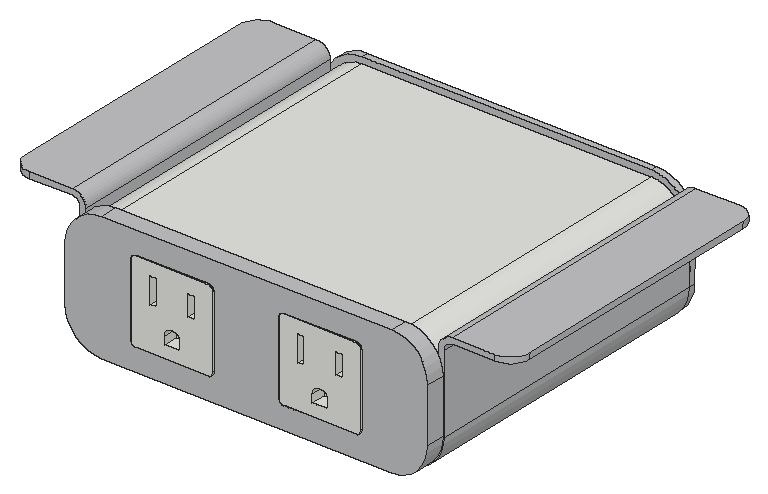
Revit family "Electrical-Teknion-YEBPA_Below_Power_Module_Standard_Plug_In-R2023", category Furniture, Revit 2023
Family settings
  OmniClass Number = 23.40.20.00
  OmniClass Title = General Furniture and Specialties
  Work Plane-Based = No
  Enable Cutting in Views = No
  Always vertical = Yes
  Cut with Voids When Loaded = No
  Render Appearance Source = Family Geometry
  Shared = Yes
  Room Calculation Point = No
Parameters (values of type "2 Power/ 1 Power (Rear)")
  Warranty = "http://www.teknion.com/ca/papers/legal-canada"
  Unit Weight URL = "http://www.teknion.com/ca/tools/assets#&asset=bee6a381-b954-425e-8283-5a2de3a804f2,f828d448-4b62-4231-9e5f-9a8991c0ed77"
  URL = "www.teknion.com"
  To render please download texture images found here [instance] = "https://assets.teknion.com/web/5e81352c1dfdb467/revit-material-swatches/"
  Sustainability Data = "https://www.teknion.com/ca/tools/assets#&topic=216f99a5-57a0-44fc-b10a-9dee9b29ae4c&asset=444deb64-fe58-4b68-981e-f75e97781df7,b4ff2d81-9f2e-437d-9659-7cffb09c31cf"
  Series = "Complements"  # constant formula
  Receptacle Finish [instance] = Plastic - Teknion - 8D - Atrium White
  Rear - Power = or([RA - 1 Power/ 1 USB - A+C (65W)/ 1 Power (Rear)], [RB - 1 Power/ 1 USB - A+C (18W)/ 1 Power (Rear)], [RC - 2 Power/ 1 Power (Rear)])  # yes
  Rear - HDMI = [RD - 1 Power/ 1 HDMI/ 1 HDMI (Rear)]  # no
  RD - 1 Power/ 1 HDMI/ 1 HDMI (Rear) = no
  RC - 2 Power/ 1 Power (Rear) = yes
  RB - 1 Power/ 1 USB - A+C (18W)/ 1 Power (Rear) = no
  RA - 1 Power/ 1 USB - A+C (65W)/ 1 Power (Rear) = no
  Product Page URL = "https://www.teknion.com/ca/product/accessories/power-accessories"
  Product Line = "Electrical"  # constant formula
  Product Documentation Link = "https://www.teknion.com/pricing/complements/pdfs/YEBPA_ppg.pdf"
  Part Number = "YEBPA"  # constant formula
  Model = "YEBPAURC_"
  Manufacturer Phone = "416-661-3370"  # constant formula
  Manufacturer Fax = "416.661.4586"  # constant formula
  Manufacturer Contact Information = "http://www.teknion.com/ca/contactus"
  Manufacturer Address = "1150 Flint Road, Toronto, ON. M3J 2J5. Canada"  # constant formula
  Manufacturer = "Teknion"  # constant formula
  How To Use Teknion Materials User Guide [instance] = "https://assets.teknion.com/m/205dd0a49fa58060/original/How-to-add-a-Material-Library-and-Texture-Images-to-your-Revit-project.pdf"
  Front - USB (65W) = [RA - 1 Power/ 1 USB - A+C (65W)/ 1 Power (Rear)]  # no
  Front - USB (18W) = [RB - 1 Power/ 1 USB - A+C (18W)/ 1 Power (Rear)]  # no
  Front - Power 2 = or([RA - 1 Power/ 1 USB - A+C (65W)/ 1 Power (Rear)], [RB - 1 Power/ 1 USB - A+C (18W)/ 1 Power (Rear)], [RC - 2 Power/ 1 Power (Rear)])  # yes
  Front - Power 1 = or([RC - 2 Power/ 1 Power (Rear)], [RD - 1 Power/ 1 HDMI/ 1 HDMI (Rear)])  # yes
  Front - HDMI = [RD - 1 Power/ 1 HDMI/ 1 HDMI (Rear)]  # no
  For Additional Finishes please visit [instance] = "https://assets.teknion.com/m/44a8009b046e5d47/original/Teknion_Materials_Library.zip"
  Faceplate Finish [instance] = Paint - Teknion - Mica - Platinum
  Description = "Below Power Module, Standard Plug-In, Standard Undermount, 2 Power/ 1 Power (Rear) Configuration"
  Default Elevation = 0.000"
  Bracket Finish [instance] = Paint - Teknion - Mica - Platinum
  Assembly Code = "E2020200"
Reference planes (in)
  plane 1 "Center Front/Back": y = 0.44001
  plane 2: z = 0
  plane 3 "Center Left/Right": x = 0.1508
  plane 4 "Left": x = -3.1366
  plane 5 "Right": x = 3.43821
  plane 6 "Back": y = 2.65882
  plane 7 "Front": y = -1.7788
  plane 8 "Top": z = 28.00005
  plane 9: x = -0.81376
  plane 10: x = 1.11537
Forms (in)
  Sweep 1, solid, material "Paint - Teknion - Mica - Platinum" <- "Bracket Finish"
    path origin (0, 0, 0) x (1, 0, 0) y (0, 1, 0)
      loop
        line (0.1508, 2.46136) -> (0.1508, -1.51502)
    profile origin (0.1508, 0.47317, 0) x (1, 0, 0) y (0, 0, 1)
      loop
        line (-2.47785, 28.00005) -> (-2.47785, 27.92505)
        arc (-2.47785, 27.92505) -> (-2.40735, 27.89585) -> (-2.37815, 27.82535) r 0.0997
        line (-2.37815, 27.82535) -> (-2.37815, 26.79925)
        arc (-2.37815, 26.79925) -> (-2.24087, 26.46783) -> (-1.90945, 26.33055) r 0.4687
        line (-1.90945, 26.33055) -> (1.90945, 26.33055)
        arc (1.90945, 26.33055) -> (2.24087, 26.46783) -> (2.37815, 26.79925) r 0.4687
        line (2.37815, 26.79925) -> (2.37815, 27.82535)
        arc (2.37815, 27.82535) -> (2.40735, 27.89585) -> (2.47785, 27.92505) r 0.0997
        line (2.47785, 27.92505) -> (2.47785, 28.00005)
        arc (2.47785, 28.00005) -> (2.35432, 27.94888) -> (2.30315, 27.82535) r 0.1747
        line (2.30315, 27.82535) -> (2.30315, 26.79925)
        arc (2.30315, 26.79925) -> (2.18784, 26.52086) -> (1.90945, 26.40555) r 0.3937
        line (1.90945, 26.40555) -> (-1.90945, 26.40555)
        arc (-1.90945, 26.40555) -> (-2.18784, 26.52086) -> (-2.30315, 26.79925) r 0.3937
        line (-2.30315, 26.79925) -> (-2.30315, 27.82535)
        arc (-2.30315, 27.82535) -> (-2.35432, 27.94888) -> (-2.47785, 28.00005) r 0.1747
  Sweep 2, solid, material "Paint - Teknion - Mica - Platinum" <- "Bracket Finish"
    path origin (0, 0.44001, 0) x (1, 0, 0) y (0, 0, 1)
      loop
        line (0.1508, 28.00005) -> (0.1508, 27.92505)
    profile origin (0.1508, 0.44001, 27.96255) x (0, -1, 0) y (1, 0, 0)
      loop
        line (1.95503, -2.47785) -> (-2.02135, -2.47785) -> (-2.02135, -3.03741)
        arc (-2.02135, -3.03741) -> (-1.94813, -3.21418) -> (-1.77135, -3.28741) r 0.25
        line (-1.77135, -3.28741) -> (1.70503, -3.28741)
        arc (1.70503, -3.28741) -> (1.88181, -3.21418) -> (1.95503, -3.03741) r 0.25
        line (1.95503, -3.03741) -> (1.95503, -2.47785)
      loop
        line (1.95503, 2.47785) -> (1.95503, 3.03741)
        arc (1.95503, 3.03741) -> (1.88181, 3.21418) -> (1.70503, 3.28741) r 0.25
        line (1.70503, 3.28741) -> (-1.77135, 3.28741)
        arc (-1.77135, 3.28741) -> (-1.94813, 3.21418) -> (-2.02135, 3.03741) r 0.25
        line (-2.02135, 3.03741) -> (-2.02135, 2.47785) -> (1.95503, 2.47785)
  Sweep 3, solid, material "Plastic - Teknion - 8D - Atrium White" <- "Receptacle Finish"
    path origin (0, 0, 0) x (1, 0, 0) y (0, 1, 0)
      loop
        line (0.1508, -1.70202) -> (0.1508, 2.4712)
    profile origin (0.1508, 0.38459, 0) x (-1, 0, 0) y (0, 0, 1)
      loop
        line (1.88976, 27.9213) -> (-1.88976, 27.9213)
        arc (-1.88976, 27.9213) -> (-2.17118, 27.80698) -> (-2.29316, 27.52879) r 0.40354
        line (-2.29316, 27.52879) -> (-2.30315, 27.16343) -> (-2.29316, 26.79806)
        arc (-2.29316, 26.79806) -> (-2.17118, 26.51987) -> (-1.88976, 26.40555) r 0.40354
        line (-1.88976, 26.40555) -> (1.88976, 26.40555)
        arc (1.88976, 26.40555) -> (2.17118, 26.51987) -> (2.29316, 26.79806) r 0.40354
        line (2.29316, 26.79806) -> (2.30315, 27.16343) -> (2.29316, 27.52879)
        arc (2.29316, 27.52879) -> (2.17118, 27.80698) -> (1.88976, 27.9213) r 0.40354
  Sweep 4, solid, material "Paint - Teknion - Mica - Platinum" <- "Faceplate Finish"
    path origin (0, 0, 0) x (1, 0, 0) y (0, 1, 0)
      loop
        line (0.1508, 2.55979) -> (0.1508, 2.4712)
    profile origin (0.1508, 2.5155, 0) x (1, 0, 0) y (0, 0, 1)
      loop
        arc (-1.88976, 28.00003) -> (-2.22609, 27.8634) -> (-2.37187, 27.53094) r 0.48228
        line (-2.37187, 27.53094) -> (-2.38192, 27.16343) -> (-2.37187, 26.79592)
        arc (-2.37187, 26.79592) -> (-2.22609, 26.46345) -> (-1.88976, 26.32682) r 0.48228
        line (-1.88976, 26.32682) -> (1.88976, 26.32682)
        arc (1.88976, 26.32682) -> (2.22609, 26.46345) -> (2.37187, 26.79592) r 0.48228
        line (2.37187, 26.79592) -> (2.38192, 27.16343) -> (2.37187, 27.53094)
        arc (2.37187, 27.53094) -> (2.22609, 27.8634) -> (1.88976, 28.00003) r 0.48228
        line (1.88976, 28.00003) -> (-1.88976, 28.00003)
      loop
        line (1.88707, 27.7245) -> (-1.88707, 27.7245)
        arc (-1.88707, 27.7245) -> (-2.03117, 27.66482) -> (-2.09085, 27.52072) r 0.20378
        line (-2.09085, 27.52072) -> (-2.09085, 26.80613)
        arc (-2.09085, 26.80613) -> (-2.03117, 26.66204) -> (-1.88707, 26.60235) r 0.20378
        line (-1.88707, 26.60235) -> (1.88707, 26.60235)
        arc (1.88707, 26.60235) -> (2.03117, 26.66204) -> (2.09085, 26.80613) r 0.20378
        line (2.09085, 26.80613) -> (2.09085, 27.52072)
        arc (2.09085, 27.52072) -> (2.03117, 27.66482) -> (1.88707, 27.7245) r 0.20378
  Sweep 5, void
    path origin (0, 0, 0) x (1, 0, 0) y (0, 1, 0)
      loop
        line (0.1508, -1.58194) -> (0.1508, -1.7788)
    profile origin (0.1508, -1.68037, 0) x (1, 0, 0) y (0, 0, 1)
      loop
        line (-0.48972, 27.70597) -> (-1.43939, 27.70597)
        arc (-1.43939, 27.70597) -> (-1.48726, 27.68614) -> (-1.50709, 27.63827) r 0.0677
        line (-1.50709, 27.63827) -> (-1.50709, 26.68858)
        arc (-1.50709, 26.68858) -> (-1.48726, 26.64071) -> (-1.43939, 26.62088) r 0.0677
        line (-1.43939, 26.62088) -> (-0.48972, 26.62088)
        arc (-0.48972, 26.62088) -> (-0.44185, 26.64071) -> (-0.42203, 26.68858) r 0.0677
        line (-0.42203, 26.68858) -> (-0.42203, 27.63827)
        arc (-0.42203, 27.63827) -> (-0.44185, 27.68614) -> (-0.48972, 27.70597) r 0.0677
      loop
        line (1.43941, 27.70597) -> (0.48974, 27.70597)
        arc (0.48974, 27.70597) -> (0.44187, 27.68614) -> (0.42205, 27.63827) r 0.0677
        line (0.42205, 27.63827) -> (0.42205, 26.68858)
        arc (0.42205, 26.68858) -> (0.44187, 26.64071) -> (0.48974, 26.62088) r 0.0677
        line (0.48974, 26.62088) -> (1.43941, 26.62088)
        arc (1.43941, 26.62088) -> (1.48728, 26.64071) -> (1.50711, 26.68858) r 0.0677
        line (1.50711, 26.68858) -> (1.50711, 27.63827)
        arc (1.50711, 27.63827) -> (1.48728, 27.68614) -> (1.43941, 27.70597) r 0.0677
  Sweep 6, solid, material "Paint - Teknion - Mica - Platinum" <- "Faceplate Finish"
    path origin (0, 0, 0) x (1, 0, 0) y (0, 1, 0)
      loop
        line (0.1508, -1.5347) -> (0.1508, -1.77092)
    profile origin (0.1508, -1.65281, 0) x (1, 0, 0) y (0, 0, 1)
      loop
        line (1.88976, 27.99312) -> (-1.88976, 27.99312)
        arc (-1.88976, 27.99312) -> (-2.2259, 27.85389) -> (-2.36513, 27.51776) r 0.47536
        line (-2.36513, 27.51776) -> (-2.36513, 26.8091)
        arc (-2.36513, 26.8091) -> (-2.2259, 26.47296) -> (-1.88976, 26.33373) r 0.47536
        line (-1.88976, 26.33373) -> (1.88976, 26.33373)
        arc (1.88976, 26.33373) -> (2.2259, 26.47296) -> (2.36513, 26.8091) r 0.47536
        line (2.36513, 26.8091) -> (2.36513, 27.51776)
        arc (2.36513, 27.51776) -> (2.2259, 27.85389) -> (1.88976, 27.99312) r 0.47536
      loop
        arc (-1.50711, 26.68977) -> (-1.48693, 26.64106) -> (-1.43823, 26.62088) r 0.06888
        line (-1.43823, 26.62088) -> (-0.49091, 26.62088)
        arc (-0.49091, 26.62088) -> (-0.4422, 26.64106) -> (-0.42203, 26.68977) r 0.06888
        line (-0.42203, 26.68977) -> (-0.42203, 27.63708)
        arc (-0.42203, 27.63708) -> (-0.4422, 27.68579) -> (-0.49091, 27.70597) r 0.06888
        line (-0.49091, 27.70597) -> (-1.43823, 27.70597)
        arc (-1.43823, 27.70597) -> (-1.48693, 27.68579) -> (-1.50711, 27.63708) r 0.06888
        line (-1.50711, 27.63708) -> (-1.50711, 26.68977)
      loop
        arc (0.42203, 26.68977) -> (0.4422, 26.64106) -> (0.49091, 26.62088) r 0.06888
        line (0.49091, 26.62088) -> (1.43823, 26.62088)
        arc (1.43823, 26.62088) -> (1.48693, 26.64106) -> (1.50711, 26.68977) r 0.06888
        line (1.50711, 26.68977) -> (1.50711, 27.63708)
        arc (1.50711, 27.63708) -> (1.48693, 27.68579) -> (1.43823, 27.70597) r 0.06888
        line (1.43823, 27.70597) -> (0.49091, 27.70597)
        arc (0.49091, 27.70597) -> (0.4422, 27.68579) -> (0.42203, 27.63708) r 0.06888
        line (0.42203, 27.63708) -> (0.42203, 26.68977)
Cuts and joins
  joined: Sweep 1, Sweep 2
  Sweep 5 cuts Sweep 3
Lines and regions (in)
  Masking region 1
    outline origin (0, 0, 0) x (1, 0, 0) y (0, 1, 0)
      loop
        line (-2.18454, 2.46136) -> (-2.8866, 2.46136)
        arc (-2.8866, 2.46136) -> (-3.06338, 2.38814) -> (-3.1366, 2.21136) r 0.25
        line (-3.1366, 2.21136) -> (-3.1366, -1.26502)
        arc (-3.1366, -1.26502) -> (-3.06338, -1.44179) -> (-2.8866, -1.51502) r 0.25
        line (-2.8866, -1.51502) -> (-2.18046, -1.51502) -> (-2.15235, -1.5347) -> (-2.21432, -1.5347) -> (-2.21432, -1.77092) -> (-1.37767, -1.77092) -> (-1.34526, -1.7788) -> (-0.28227, -1.7788) -> (-0.24986, -1.77092) -> (0.55147, -1.77092) -> (0.58387, -1.7788) -> (1.64687, -1.7788) -> (1.67927, -1.77092) -> (2.51593, -1.77092) -> (2.51593, -1.5347) -> (2.45396, -1.5347) -> (2.48207, -1.51502) -> (3.18821, -1.51502)
        arc (3.18821, -1.51502) -> (3.36498, -1.44179) -> (3.43821, -1.26502) r 0.25
        line (3.43821, -1.26502) -> (3.43821, 2.21136)
        arc (3.43821, 2.21136) -> (3.36498, 2.38814) -> (3.18821, 2.46136) r 0.25
        line (3.18821, 2.46136) -> (2.48615, 2.46136) -> (2.45396, 2.4712) -> (2.53273, 2.4712) -> (2.53273, 2.55979) -> (1.64687, 2.55979) -> (1.64687, 2.65882) -> (0.58387, 2.65882) -> (0.58387, 2.55979) -> (-2.23112, 2.55979) -> (-2.23112, 2.4712) -> (-2.15235, 2.4712) -> (-2.18454, 2.46136)
  symbolic lines
    curve 1: line (-2.15235, 2.55979, 0) -> (2.45396, 2.55979, 0)
    curve 2: line (-2.23112, 2.4712, 0) -> (2.53273, 2.4712, 0)
    curve 3: line (-2.15235, 2.4712, 0) -> (-2.15235, -1.5347, 0)
    curve 4: line (2.45396, 2.4712, 0) -> (2.45396, -1.5347, 0)
    curve 5: line (-2.21432, -1.5347, 0) -> (2.51593, -1.5347, 0)
    curve 6: line (-2.15235, -1.77092, 0) -> (2.45396, -1.77092, 0)
  symbolic lines, style "FurnitureHiddenLines", detail levels medium+fine
    curve 7: line (-2.8866, -1.51502, 0) -> (3.18821, -1.51502, 0)
    curve 8: line (3.18821, 2.46136, 0) -> (-2.8866, 2.46136, 0)
    curve 9: line (0.58387, 2.46985, 0) -> (0.58387, 2.65882, 0)
    curve 10: line (1.64687, 2.65882, 0) -> (1.64687, 2.46985, 0)
    curve 11: line (1.64687, 2.46985, 0) -> (0.58387, 2.46985, 0)
    curve 12: line (2.45396, -1.70202, 0) -> (-2.15235, -1.70202, 0)
    curve 13: line (-2.15235, -1.70202, 0) -> (-2.15235, -1.5347, 0)
    curve 14: line (2.45396, -1.70202, 0) -> (2.45396, -1.5347, 0)
    curve 15: line (-1.35631, -1.58194, 0) -> (1.65791, -1.58194, 0)
    curve 16: line (-1.35631, -1.5347, 0) -> (-1.35631, -1.77092, 0)
    curve 17: line (-1.34526, -1.58982, 0) -> (-1.34526, -1.7788, 0)
    curve 18: line (-1.34526, -1.58982, 0) -> (-0.28227, -1.58982, 0)
    curve 19: line (-0.28227, -1.58982, 0) -> (-0.28227, -1.7788, 0)
    curve 20: line (-0.27122, -1.5347, 0) -> (-0.27122, -1.77092, 0)
    curve 21: line (0.57283, -1.5347, 0) -> (0.57283, -1.77092, 0)
    curve 22: line (0.58387, -1.58982, 0) -> (1.64687, -1.58982, 0)
    curve 23: line (1.64687, -1.58982, 0) -> (1.64687, -1.7788, 0)
    curve 24: line (0.58387, -1.58982, 0) -> (0.58387, -1.7788, 0)
    curve 25: line (1.65791, -1.5347, 0) -> (1.65791, -1.77092, 0)
    curve 56: line (2.24165, 2.55979, 0) -> (2.24165, 2.4712, 0)
    curve 57: line (-1.94005, 2.55979, 0) -> (-1.94005, 2.4712, 0)
  symbolic lines, style "FurnitureHiddenLines", visible <- "Rear - HDMI", detail levels fine
    curve 26: line (0.80435, 2.46985, 0) -> (0.80435, 2.65882, 0)
    curve 27: line (1.44608, 2.65882, 0) -> (1.44608, 2.46985, 0)
  symbolic lines, style "FurnitureHiddenLines", visible <- "Rear - Power", detail levels fine
    curve 28: line (0.82206, 2.46985, 0) -> (0.82206, 2.65882, 0)
    curve 29: line (0.90868, 2.46985, 0) -> (0.90868, 2.65882, 0)
    curve 30: line (1.01301, 2.46985, 0) -> (1.01301, 2.65882, 0)
    curve 31: line (1.21773, 2.46985, 0) -> (1.21773, 2.65882, 0)
    curve 32: line (1.32206, 2.46985, 0) -> (1.32206, 2.65882, 0)
    curve 33: line (1.40868, 2.46985, 0) -> (1.40868, 2.65882, 0)
  symbolic lines, style "FurnitureHiddenLines", visible <- "Front - Power 1", detail levels fine
    curve 34: line (-1.10707, -1.58982, 0) -> (-1.10707, -1.7788, 0)
    curve 35: line (-1.02046, -1.58982, 0) -> (-1.02046, -1.7788, 0)
    curve 36: line (-0.91613, -1.58982, 0) -> (-0.91613, -1.7788, 0)
    curve 37: line (-0.7114, -1.58982, 0) -> (-0.7114, -1.7788, 0)
    curve 38: line (-0.60707, -1.58982, 0) -> (-0.60707, -1.7788, 0)
    curve 39: line (-0.52046, -1.58982, 0) -> (-0.52046, -1.7788, 0)
  symbolic lines, style "FurnitureHiddenLines", visible <- "Front - USB (65W)", detail levels fine
    curve 40: line (-1.07508, -1.7788, 0) -> (-1.07508, -1.58982, 0)
    curve 41: line (-0.85264, -1.58982, 0) -> (-0.85264, -1.7788, 0)
    curve 42: line (-0.69024, -1.58982, 0) -> (-0.69024, -1.7788, 0)
    curve 43: line (-0.55245, -1.58982, 0) -> (-0.55245, -1.7788, 0)
  symbolic lines, style "FurnitureHiddenLines", visible <- "Front - USB (18W)", detail levels fine
    curve 44: line (-1.07262, -1.58982, 0) -> (-1.07262, -1.7788, 0)
    curve 45: line (-0.99684, -1.58982, 0) -> (-0.99684, -1.7788, 0)
    curve 46: line (-0.63069, -1.58982, 0) -> (-0.63069, -1.7788, 0)
    curve 47: line (-0.55491, -1.58982, 0) -> (-0.55491, -1.7788, 0)
  symbolic lines, style "FurnitureHiddenLines", visible <- "Front - HDMI", detail levels fine
    curve 48: line (0.78466, -1.7788, 0) -> (0.78466, -1.58982, 0)
    curve 49: line (1.42639, -1.58982, 0) -> (1.42639, -1.7788, 0)
  symbolic lines, style "FurnitureHiddenLines", visible <- "Front - Power 2", detail levels fine
    curve 50: line (0.82206, -1.58982, 0) -> (0.82206, -1.7788, 0)
    curve 51: line (0.90868, -1.58982, 0) -> (0.90868, -1.7788, 0)
    curve 52: line (1.01301, -1.58982, 0) -> (1.01301, -1.7788, 0)
    curve 53: line (1.21773, -1.58982, 0) -> (1.21773, -1.7788, 0)
    curve 54: line (1.32206, -1.58982, 0) -> (1.32206, -1.7788, 0)
    curve 55: line (1.40868, -1.58982, 0) -> (1.40868, -1.7788, 0)
Dimensions and locks (in)
  plane 4 "Left" to plane 5 "Right" = 6.57481"
  plane 6 "Back" to plane 7 "Front" = 4.43762"
  locked: plane 8 "Top" to level at 28.00005
  equal spacing: plane 6 "Back", plane 1 "Center Front/Back", plane 7 "Front"
  equal spacing: plane 4 "Left", plane 3 "Center Left/Right", plane 5 "Right"
  aligned and locked: level to plane 2
  aligned and locked: nested 5 to plane 10
  aligned and locked: nested 5 to plane 6 "Back"
  aligned and locked: nested 3 to plane 10
  aligned and locked: nested 3 to plane 6 "Back"
  aligned and locked: plane 10 to nested 4
  aligned and locked: nested 4 to plane 7 "Front"
  aligned and locked: plane 10 to nested 6
  aligned and locked: nested 6 to plane 7 "Front"
  aligned and locked: nested 1 to plane 9
  aligned and locked: nested 1 to plane 7 "Front"
  aligned and locked: nested 2 to plane 9
  aligned and locked: nested 2 to plane 7 "Front"
  aligned and locked: nested 7 to plane 9
  aligned and locked: nested 7 to plane 7 "Front"
Automatic sketch dimensions
  Sweep 1 sketch curve to plane 3 "Center Left/Right" = 0.000"
  Sweep 1 sketch curve to plane 7 "Front" = 0.26378"
  Sweep 1 sketch curve to plane 6 "Back" = 0.19746"
  Sweep 1 sketch curve to Sweep 1 sketch curve = 0.000"  (x8)
  profile plane to Sweep 1 sketch curve = 2.47785"
  Sweep 1 sketch curve to Sweep 1 sketch curve = 0.0997"  (x2)
  Sweep 1 sketch curve to Sweep 1 sketch curve = 0.075"
  Sweep 1 sketch curve to Sweep 1 sketch curve = 0.3937"  (x2)
  Sweep 1 sketch curve to profile plane = 1.90945"
  level to Sweep 1 sketch curve = 26.33055"
  Sweep 1 sketch curve to Sweep 1 sketch curve = 1.0261"  (x2)
  Sweep 2 sketch curve to plane 8 "Top" = 0.000"
  Sweep 2 sketch curve to plane 8 "Top" = 0.075"
  plane 4 "Left" to Sweep 2 sketch curve = 3.28741"
  Sweep 2 sketch curve to plane 1 "Center Front/Back" = 2.02135"  (x2)
  Sweep 2 sketch curve to Sweep 2 sketch curve = 0.250"  (x4)
  plane 1 "Center Front/Back" to Sweep 2 sketch curve = 1.70503"  (x2)
  profile plane to Sweep 2 sketch curve = 3.28741"
  Sweep 2 sketch curve to Sweep 2 sketch curve = 0.55955"  (x2)
  Sweep 2 sketch curve to profile plane = 2.47785"
  Sweep 3 sketch curve to plane 6 "Back" = 0.18762"
  plane 4 "Left" to Sweep 3 sketch curve = 3.28741"
  Sweep 3 sketch curve to plane 7 "Front" = 0.07677"
  profile plane to Sweep 3 sketch curve = 2.30315"
  Sweep 3 sketch curve to Sweep 3 sketch curve = 0.010"  (x3)
  Sweep 3 sketch curve to Sweep 3 sketch curve = 0.40339"  (x4)
  Sweep 3 sketch curve to profile plane = 1.88976"
  Sweep 3 sketch curve to Sweep 3 sketch curve = 0.000"
  level to Sweep 3 sketch curve = 26.40555"
  Sweep 3 sketch curve to Sweep 3 sketch curve = 0.39251"  (x2)
  Sweep 3 sketch curve to Sweep 3 sketch curve = 0.36537"  (x3)
  Sweep 3 sketch curve to Sweep 3 sketch curve = 0.35433"  (x2)
  Sweep 4 sketch curve to plane 6 "Back" = 0.18762"
  plane 4 "Left" to Sweep 4 sketch curve = 3.28741"
  Sweep 4 sketch curve to Sweep 4 sketch curve = 0.08858"
  plane 7 "Front" to Sweep 5 sketch curve = 0.000"
  plane 3 "Center Left/Right" to Sweep 5 sketch curve = 0.000"
  Sweep 5 sketch curve to plane 7 "Front" = 0.19685"
  profile plane to Sweep 5 sketch curve = 1.50709"
  Sweep 5 sketch curve to Sweep 5 sketch curve = 0.0677"  (x7)
  profile plane to Sweep 5 sketch curve = 0.48972"  (x2)
  Sweep 5 sketch curve to profile plane = 0.42205"
  Sweep 5 sketch curve to Sweep 5 sketch curve = 0.94967"  (x2)
  level to Sweep 5 sketch curve = 26.62088"
  Sweep 5 sketch curve to Sweep 5 sketch curve = 0.94969"  (x2)
  Sweep 6 sketch curve to plane 3 "Center Left/Right" = 0.000"
  Sweep 6 sketch curve to plane 7 "Front" = 0.00787"
  Sweep 6 sketch curve to Sweep 6 sketch curve = 0.23622"
  profile plane to Sweep 6 sketch curve = 2.36513"
  Sweep 6 sketch curve to Sweep 6 sketch curve = 0.47536"  (x3)
  Sweep 6 sketch curve to profile plane = 1.88976"
  Sweep 6 sketch curve to Sweep 6 sketch curve = 0.000"  (x8)
  level to Sweep 6 sketch curve = 26.33373"
  Sweep 6 sketch curve to Sweep 6 sketch curve = 0.70866"
  Sweep 6 sketch curve to Sweep 6 sketch curve = 0.38266"
  Sweep 6 sketch curve to Sweep 6 sketch curve = 0.06888"  (x7)
  profile plane to Sweep 6 sketch curve = 0.49091"  (x2)
  Sweep 6 sketch curve to Sweep 6 sketch curve = 0.18821"  (x2)
  Sweep 6 sketch curve to Sweep 6 sketch curve = 0.11933"  (x2)
  Sweep 6 sketch curve to profile plane = 0.42203"
  Sweep 6 sketch curve to Sweep 6 sketch curve = 0.45154"  (x2)
  Masking region 1 sketch curve to plane 4 "Left" = 0.000"
  plane 7 "Front" to Masking region 1 sketch curve = 0.000"  (x2)
  Masking region 1 sketch curve to plane 6 "Back" = 0.000"
  Masking region 1 sketch curve to plane 5 "Right" = 0.000"
  plane 4 "Left" to Masking region 1 sketch curve = 0.250"  (x2)
  Masking region 1 sketch curve to plane 6 "Back" = 0.09903"  (x2)
  Masking region 1 sketch curve to Masking region 1 sketch curve = 0.65548"
  Masking region 1 sketch curve to plane 7 "Front" = 0.00787"  (x3)
  Masking region 1 sketch curve to Masking region 1 sketch curve = 0.67228"
  Masking region 1 sketch curve to Masking region 1 sketch curve = 0.04658"  (x2)
  Masking region 1 sketch curve to Masking region 1 sketch curve = 0.03386"
  Masking region 1 sketch curve to Masking region 1 sketch curve = 0.02811"  (x2)
  Masking region 1 sketch curve to plane 6 "Back" = 0.18762"  (x2)
  Masking region 1 sketch curve to Masking region 1 sketch curve = 0.03219"  (x2)
  plane 9 to Masking region 1 sketch curve = 0.5639"
  Masking region 1 sketch curve to Masking region 1 sketch curve = 0.03241"  (x4)
  Masking region 1 sketch curve to plane 3 "Center Left/Right" = 0.43307"
  plane 3 "Center Left/Right" to Masking region 1 sketch curve = 0.43307"  (x2)
  plane 10 to Masking region 1 sketch curve = 0.5315"  (x2)
  Masking region 1 sketch curve to Masking region 1 sketch curve = 0.80709"  (x2)
  Masking region 1 sketch curve to plane 7 "Front" = 0.24409"  (x2)
  Masking region 1 sketch curve to plane 7 "Front" = 0.26378"
  Masking region 1 sketch curve to plane 6 "Back" = 0.19746"
  Masking region 1 sketch curve to Masking region 1 sketch curve = 0.06197"
  Masking region 1 sketch curve to Masking region 1 sketch curve = 0.250"  (x2)
  Masking region 1 sketch curve to Masking region 1 sketch curve = 0.01969"
  Masking region 1 sketch curve to plane 6 "Back" = 0.44746"
  profile plane to Sweep 4 sketch curve = 2.38192"
  Sweep 4 sketch curve to Sweep 4 sketch curve = 0.01006"  (x3)
  Sweep 4 sketch curve to Sweep 4 sketch curve = 0.28102"  (x3)
  Sweep 4 sketch curve to Sweep 4 sketch curve = 0.20109"  (x3)
  Sweep 4 sketch curve to Sweep 4 sketch curve = 0.00269"  (x4)
  Sweep 4 sketch curve to profile plane = 1.88707"
  Sweep 4 sketch curve to Sweep 4 sketch curve = 0.000"
  level to Sweep 4 sketch curve = 26.32682"
  Sweep 4 sketch curve to Sweep 4 sketch curve = 0.27553"
  Sweep 4 sketch curve to Sweep 4 sketch curve = 0.01021"  (x3)
  Sweep 4 sketch curve to Sweep 4 sketch curve = 0.36751"  (x2)
  Sweep 4 sketch curve to Sweep 4 sketch curve = 0.35432"  (x2)
  Sweep 4 sketch curve to Sweep 4 sketch curve = 0.00298"
  plane 7 "Front" to curve 17 = 0.000"
  plane 7 "Front" to curve 34 = 0.000"
  plane 7 "Front" to curve 40 = 0.000"
  plane 7 "Front" to curve 44 = 0.000"
  plane 7 "Front" to curve 35 = 0.000"
  plane 7 "Front" to curve 45 = 0.000"
  plane 7 "Front" to curve 36 = 0.000"
  plane 7 "Front" to curve 41 = 0.000"
  plane 7 "Front" to curve 37 = 0.000"
  plane 7 "Front" to curve 42 = 0.000"
  plane 7 "Front" to curve 46 = 0.000"
  plane 7 "Front" to curve 38 = 0.000"
  plane 7 "Front" to curve 47 = 0.000"
  plane 7 "Front" to curve 43 = 0.000"
  plane 7 "Front" to curve 39 = 0.000"
  plane 7 "Front" to curve 19 = 0.000"
  plane 7 "Front" to curve 24 = 0.000"
  curve 9 to plane 6 "Back" = 0.000"
  plane 7 "Front" to curve 48 = 0.000"
  curve 26 to plane 6 "Back" = 0.000"
  plane 7 "Front" to curve 50 = 0.000"
  curve 28 to plane 6 "Back" = 0.000"
  plane 7 "Front" to curve 51 = 0.000"
  curve 29 to plane 6 "Back" = 0.000"
  curve 30 to plane 6 "Back" = 0.000"
  plane 7 "Front" to curve 52 = 0.000"
  plane 7 "Front" to curve 53 = 0.000"
  curve 31 to plane 6 "Back" = 0.000"
  plane 7 "Front" to curve 54 = 0.000"
  curve 32 to plane 6 "Back" = 0.000"
  curve 33 to plane 6 "Back" = 0.000"
  plane 7 "Front" to curve 55 = 0.000"
  plane 7 "Front" to curve 49 = 0.000"
  curve 27 to plane 6 "Back" = 0.000"
  curve 10 to plane 6 "Back" = 0.000"
  plane 7 "Front" to curve 23 = 0.000"
  curve 3 to plane 7 "Front" = 0.24409"
  plane 4 "Left" to curve 3 = 0.98425"
  curve 18 to plane 7 "Front" = 0.18898"
  plane 9 to curve 18 = 0.5315"
  curve 18 to plane 3 "Center Left/Right" = 0.43307"
  curve 11 to plane 6 "Back" = 0.18898"
  plane 3 "Center Left/Right" to curve 11 = 0.43307"
  curve 22 to plane 7 "Front" = 0.18898"
  plane 3 "Center Left/Right" to curve 22 = 0.43307"
  plane 10 to curve 23 = 0.5315"
  plane 10 to curve 10 = 0.5315"
  curve 4 to plane 7 "Front" = 0.24409"
  curve 22 to curve 4 = 0.80709"
  curve 14 to plane 7 "Front" = 0.07677"
  curve 5 to curve 3 = 0.06197"
  curve 2 to curve 3 = 0.07877"
  plane 4 "Left" to curve 7 = 0.250"
  plane 4 "Left" to curve 8 = 0.250"
  curve 6 to plane 7 "Front" = 0.00787"
  curve 6 to curve 12 = 0.000"  (x2)
  curve 1 to curve 3 = 0.000"
  curve 57 to plane 6 "Back" = 0.09903"
  curve 1 to curve 57 = 0.2123"
  curve 16 to curve 17 = 0.01105"
  curve 17 to curve 34 = 0.23819"
  curve 34 to curve 40 = 0.03199"
  curve 40 to curve 44 = 0.00246"
  curve 44 to curve 35 = 0.05217"
  curve 35 to curve 45 = 0.02362"
  curve 45 to curve 36 = 0.08071"
  plane 9 to curve 41 = 0.03888"
  curve 37 to plane 9 = 0.10236"
  curve 37 to curve 42 = 0.02116"
  curve 42 to curve 46 = 0.05955"
  curve 46 to curve 38 = 0.02362"
  curve 38 to curve 47 = 0.05217"
  curve 47 to curve 43 = 0.00246"
  curve 43 to curve 39 = 0.03199"
  curve 18 to curve 20 = 0.01105"
  curve 21 to curve 24 = 0.01105"
  curve 24 to curve 48 = 0.20079"
  curve 9 to curve 26 = 0.22047"
  curve 26 to curve 28 = 0.01772"
  curve 48 to curve 50 = 0.0374"
  curve 50 to curve 51 = 0.08661"
  curve 28 to curve 29 = 0.08661"
  curve 30 to plane 10 = 0.10236"
  curve 52 to plane 10 = 0.10236"
  plane 10 to curve 53 = 0.10236"
  plane 10 to curve 31 = 0.10236"
  curve 53 to curve 54 = 0.10433"
  curve 31 to curve 32 = 0.10433"
  curve 32 to curve 33 = 0.08661"
  curve 54 to curve 55 = 0.08661"
  curve 55 to curve 49 = 0.01772"
  curve 33 to curve 27 = 0.0374"
  curve 23 to curve 25 = 0.01105"
  curve 56 to curve 4 = 0.2123"
  curve 1 to curve 4 = 0.000"
  curve 4 to curve 5 = 0.06197"
  curve 4 to curve 2 = 0.07877"
  plane 5 "Right" to curve 7 = 0.250"
  plane 5 "Right" to curve 8 = 0.250"
  curve 17 to curve 15 = 0.00787"
  curve 18 to curve 20 = 0.05512"
  curve 7 to plane 7 "Front" = 0.26378"
  curve 8 to plane 6 "Back" = 0.19746"
  curve 4 to curve 1 = 0.08858"
Nested families (in)
  nested 1: "USB - A + C (65W)" at (-0.86317, -1.71143, 0), visible <- "Front - USB (65W)", Receptacle Finish <- "Receptacle Finish", type "USB - A + C (65W)"
    with To render please download texture images found here "https://assets.teknion.com/web/5e81352c1dfdb467/revit-material-swatches/", Receptacle Finish Plastic - Teknion - 8D - Atrium White, How To Use Teknion Materials User Guide "https://assets.teknion.com/m/205dd0a49fa58060/original/How-to-add-a-Material-Library-and-Texture-Images-to-your-Revit-project.pdf", For Additional Finishes please visit "https://assets.teknion.com/m/44a8009b046e5d47/original/Teknion_Materials_Library.zip"
  nested 2: "USB - A + C (18W)" at (-0.86317, -1.71143, 0), visible <- "Front - USB (18W)", Receptacle Finish <- "Receptacle Finish", type "USB - A + C (18W)"
    with To render please download texture images found here "https://assets.teknion.com/web/5e81352c1dfdb467/revit-material-swatches/", Receptacle Finish Plastic - Teknion - 8D - Atrium White, How To Use Teknion Materials User Guide "https://assets.teknion.com/m/205dd0a49fa58060/original/How-to-add-a-Material-Library-and-Texture-Images-to-your-Revit-project.pdf", For Additional Finishes please visit "https://assets.teknion.com/m/44a8009b046e5d47/original/Teknion_Materials_Library.zip"
  nested 3: "HDMI" at (1.16477, 2.59146, 0) x (-1, 0, 0) z (0, 0, 1), visible <- "Rear - HDMI", Receptacle Finish <- "Receptacle Finish", type "HDMI"
    with To render please download texture images found here "https://assets.teknion.com/web/5e81352c1dfdb467/revit-material-swatches/", Receptacle Finish Plastic - Teknion - 8D - Atrium White, How To Use Teknion Materials User Guide "https://assets.teknion.com/m/205dd0a49fa58060/original/How-to-add-a-Material-Library-and-Texture-Images-to-your-Revit-project.pdf", For Additional Finishes please visit "https://assets.teknion.com/m/44a8009b046e5d47/original/Teknion_Materials_Library.zip"
  nested 4: "Power" at (1.06597, -1.71143, 0), visible <- "Front - Power 2", Receptacle Finish <- "Receptacle Finish", type "Power"
    with To render please download texture images found here "https://assets.teknion.com/web/5e81352c1dfdb467/revit-material-swatches/", Receptacle Finish Plastic - Teknion - 8D - Atrium White, How To Use Teknion Materials User Guide "https://assets.teknion.com/m/205dd0a49fa58060/original/How-to-add-a-Material-Library-and-Texture-Images-to-your-Revit-project.pdf", For Additional Finishes please visit "https://assets.teknion.com/m/44a8009b046e5d47/original/Teknion_Materials_Library.zip"
  nested 5: "Power" at (1.16477, 2.59146, 0) x (-1, 0, 0) z (0, 0, 1), visible <- "Rear - Power", Receptacle Finish <- "Receptacle Finish", type "Power"
    with To render please download texture images found here "https://assets.teknion.com/web/5e81352c1dfdb467/revit-material-swatches/", Receptacle Finish Plastic - Teknion - 8D - Atrium White, How To Use Teknion Materials User Guide "https://assets.teknion.com/m/205dd0a49fa58060/original/How-to-add-a-Material-Library-and-Texture-Images-to-your-Revit-project.pdf", For Additional Finishes please visit "https://assets.teknion.com/m/44a8009b046e5d47/original/Teknion_Materials_Library.zip"
  nested 6: "HDMI" at (1.06597, -1.71143, 0), visible <- "Front - HDMI", Receptacle Finish <- "Receptacle Finish", type "HDMI"
    with To render please download texture images found here "https://assets.teknion.com/web/5e81352c1dfdb467/revit-material-swatches/", Receptacle Finish Plastic - Teknion - 8D - Atrium White, How To Use Teknion Materials User Guide "https://assets.teknion.com/m/205dd0a49fa58060/original/How-to-add-a-Material-Library-and-Texture-Images-to-your-Revit-project.pdf", For Additional Finishes please visit "https://assets.teknion.com/m/44a8009b046e5d47/original/Teknion_Materials_Library.zip"
  nested 7: "Power" at (-0.86317, -1.71143, 0), visible <- "Front - Power 1", Receptacle Finish <- "Receptacle Finish", type "Power"
    with To render please download texture images found here "https://assets.teknion.com/web/5e81352c1dfdb467/revit-material-swatches/", Receptacle Finish Plastic - Teknion - 8D - Atrium White, How To Use Teknion Materials User Guide "https://assets.teknion.com/m/205dd0a49fa58060/original/How-to-add-a-Material-Library-and-Texture-Images-to-your-Revit-project.pdf", For Additional Finishes please visit "https://assets.teknion.com/m/44a8009b046e5d47/original/Teknion_Materials_Library.zip"
  nested 8: "Teknion_2D_Node_Family-R2016" at (0.1508, -1.77092, 0), type "Teknion_2D_Node_Family-R2016"
Definition of nested family "USB - A + C (65W)"
  Parameters (values of type "USB - A + C (65W)")
    Warranty = "http://www.teknion.com/ca/papers/legal-canada"
    Unit Weight URL = "http://www.teknion.com/ca/tools/assets#&asset=bee6a381-b954-425e-8283-5a2de3a804f2,f828d448-4b62-4231-9e5f-9a8991c0ed77"
    URL = "www.teknion.com"
    To render please download texture images found here [instance] = "https://assets.teknion.com/web/5e81352c1dfdb467/revit-material-swatches/"
    Sustainability Data = "https://www.teknion.com/ca/tools/assets#&topic=216f99a5-57a0-44fc-b10a-9dee9b29ae4c&asset=444deb64-fe58-4b68-981e-f75e97781df7,b4ff2d81-9f2e-437d-9659-7cffb09c31cf"
    Series = ""
    Receptacle Finish [instance] = none
    Product Page URL = ""
    Product Line = ""
    Product Documentation Link = ""
    Part Number = ""
    Model = ""
    Manufacturer Phone = "416-661-3370"  # constant formula
    Manufacturer Fax = "416.661.4586"  # constant formula
    Manufacturer Contact Information = "http://www.teknion.com/ca/contactus"
    Manufacturer Address = "1150 Flint Road, Toronto, ON. M3J 2J5. Canada"  # constant formula
    Manufacturer = "Teknion"  # constant formula
    How To Use Teknion Materials User Guide [instance] = "https://assets.teknion.com/m/205dd0a49fa58060/original/How-to-add-a-Material-Library-and-Texture-Images-to-your-Revit-project.pdf"
    For Additional Finishes please visit [instance] = "https://assets.teknion.com/m/44a8009b046e5d47/original/Teknion_Materials_Library.zip"
    Description = "USB - A + C (65W)"
    Default Elevation = 0.000"
    Assembly Code = "E2020200"
  Reference planes (in)
    plane 1 "Center Front/Back": y = 0.02712
    plane 2: z = 0
    plane 3 "Center Left/Right": x = 0.0494
    plane 4 "Left": x = -0.48209
    plane 5 "Right": x = 0.5809
    plane 6 "Back": y = 0.12161
    plane 7 "Front": y = -0.06737
    plane 8 "Top": z = 27.69492
    plane 9: z = 26.63193
  Forms (in)
    Sweep 1, solid, material <- "Receptacle Finish"
      path origin (0, 0, 0) x (1, 0, 0) y (0, 1, 0)
        loop
          line (0.0494, 0.12161) -> (0.0494, -0.06737)
      profile origin (0.0494, 0.02712, 0) x (1, 0, 0) y (0, 0, 1)
        loop
          line (0.47244, 27.69492) -> (-0.47244, 27.69492)
          arc (-0.47244, 27.69492) -> (-0.5142, 27.67763) -> (-0.5315, 27.63587) r 0.05906
          line (-0.5315, 27.63587) -> (-0.5315, 26.69099)
          arc (-0.5315, 26.69099) -> (-0.5142, 26.64923) -> (-0.47244, 26.63193) r 0.05906
          line (-0.47244, 26.63193) -> (0.47244, 26.63193)
          arc (0.47244, 26.63193) -> (0.5142, 26.64923) -> (0.5315, 26.69099) r 0.05906
          line (0.5315, 26.69099) -> (0.5315, 27.63587)
          arc (0.5315, 27.63587) -> (0.5142, 27.67763) -> (0.47244, 27.69492) r 0.05906
        loop
          line (-0.26132, 27.42209) -> (-0.26132, 26.90437) -> (-0.03888, 26.90437) -> (-0.03888, 27.42209) -> (-0.26132, 27.42209)
        loop
          line (0.26132, 27.10319) -> (0.26132, 27.37484)
          arc (0.26132, 27.37484) -> (0.24748, 27.40825) -> (0.21407, 27.42209) r 0.04724
          line (0.21407, 27.42209) -> (0.17077, 27.42209)
          arc (0.17077, 27.42209) -> (0.13736, 27.40825) -> (0.12352, 27.37484) r 0.04724
          line (0.12352, 27.37484) -> (0.12352, 27.10319)
          arc (0.12352, 27.10319) -> (0.13736, 27.06978) -> (0.17077, 27.05595) r 0.04724
          line (0.17077, 27.05595) -> (0.21407, 27.05595)
          arc (0.21407, 27.05595) -> (0.24748, 27.06978) -> (0.26132, 27.10319) r 0.04724
    Sweep 2, void
      path origin (0, 0, 0) x (1, 0, 0) y (0, 1, 0)
        loop
          line (0.0494, -0.05555) -> (0.0494, -0.12034)
      profile origin (0.0494, -0.08795, 0) x (1, 0, 0) y (0, 0, 1)
        loop
          line (0.09203, 26.95949) -> (0.09203, 26.83547) -> (0.29281, 26.83547) -> (0.29281, 26.95949) -> (0.09203, 26.95949)
        loop
          line (0.08415, 26.96736) -> (0.08415, 26.8276) -> (0.30069, 26.8276) -> (0.30069, 26.96736) -> (0.08415, 26.96736)
  Cuts and joins
    Sweep 2 cuts Sweep 1
  Lines and regions (in)
    symbolic lines
      curve 1: line (-0.48209, 0.12161, 0) -> (0.5809, 0.12161, 0)
      curve 2: line (-0.48209, -0.06737, 0) -> (-0.48209, 0.12161, 0)
      curve 3: line (0.5809, -0.06737, 0) -> (-0.48209, -0.06737, 0)
      curve 4: line (0.5809, 0.12161, 0) -> (0.5809, -0.06737, 0)
    symbolic lines, detail levels medium+fine
      curve 5: line (-0.21192, -0.06737, 0) -> (-0.21192, 0.12161, 0)
      curve 6: line (0.01052, 0.12161, 0) -> (0.01052, -0.06737, 0)
      curve 7: line (0.17293, 0.12161, 0) -> (0.17293, -0.06737, 0)
      curve 8: line (0.31072, 0.12161, 0) -> (0.31072, -0.06737, 0)
  Dimensions and locks (in)
    plane 4 "Left" to plane 5 "Right" = 1.06299"
    plane 6 "Back" to plane 7 "Front" = 0.18898"
    locked: plane 8 "Top" to level at 27.69492
    equal spacing: plane 6 "Back", plane 1 "Center Front/Back", plane 7 "Front"
    equal spacing: plane 4 "Left", plane 3 "Center Left/Right", plane 5 "Right"
    locked: plane 8 "Top" to plane 9 at 1.06299
    aligned and locked: level to plane 2
  Automatic sketch dimensions
    Sweep 1 sketch curve to plane 3 "Center Left/Right" = 0.000"
    plane 7 "Front" to Sweep 1 sketch curve = 0.000"
    Sweep 1 sketch curve to plane 6 "Back" = 0.000"
    profile plane to Sweep 1 sketch curve = 0.5315"
    Sweep 1 sketch curve to Sweep 1 sketch curve = 0.05906"  (x3)
    profile plane to Sweep 1 sketch curve = 0.26132"
    profile plane to Sweep 1 sketch curve = 0.03888"
    Sweep 1 sketch curve to profile plane = 0.12352"
    Sweep 1 sketch curve to Sweep 1 sketch curve = 0.04724"  (x4)
    Sweep 1 sketch curve to Sweep 1 sketch curve = 0.04331"  (x2)
    Sweep 1 sketch curve to profile plane = 0.47244"
    Sweep 1 sketch curve to Sweep 1 sketch curve = 0.25837"
    level to Sweep 1 sketch curve = 26.63193"
    Sweep 1 sketch curve to Sweep 1 sketch curve = 0.21339"
    Sweep 1 sketch curve to Sweep 1 sketch curve = 0.15157"
    Sweep 1 sketch curve to Sweep 1 sketch curve = 0.27165"
    Sweep 1 sketch curve to Sweep 1 sketch curve = 0.26102"
    plane 3 "Center Left/Right" to Sweep 2 sketch curve = 0.000"
    plane 7 "Front" to Sweep 2 sketch curve = 0.05298"
    Sweep 2 sketch curve to plane 7 "Front" = 0.01181"
    Sweep 2 sketch curve to profile plane = 0.08415"
    Sweep 2 sketch curve to Sweep 2 sketch curve = 0.00787"  (x4)
    Sweep 2 sketch curve to Sweep 2 sketch curve = 0.20079"
    level to Sweep 2 sketch curve = 26.8276"
    Sweep 2 sketch curve to Sweep 2 sketch curve = 0.12402"
    curve 3 to plane 4 "Left" = 0.000"
    curve 5 to plane 6 "Back" = 0.000"
    plane 7 "Front" to curve 8 = 0.000"
    curve 3 to plane 5 "Right" = 0.000"
    curve 5 to plane 3 "Center Left/Right" = 0.26132"
    curve 6 to plane 3 "Center Left/Right" = 0.03888"
    plane 3 "Center Left/Right" to curve 7 = 0.12352"
    curve 7 to curve 8 = 0.1378"
Definition of nested family "USB - A + C (18W)"
  Parameters (values of type "USB - A + C (18W)")
    Warranty = "http://www.teknion.com/ca/papers/legal-canada"
    Unit Weight URL = "http://www.teknion.com/ca/tools/assets#&asset=bee6a381-b954-425e-8283-5a2de3a804f2,f828d448-4b62-4231-9e5f-9a8991c0ed77"
    URL = "www.teknion.com"
    To render please download texture images found here [instance] = "https://assets.teknion.com/web/5e81352c1dfdb467/revit-material-swatches/"
    Sustainability Data = "https://www.teknion.com/ca/tools/assets#&topic=216f99a5-57a0-44fc-b10a-9dee9b29ae4c&asset=444deb64-fe58-4b68-981e-f75e97781df7,b4ff2d81-9f2e-437d-9659-7cffb09c31cf"
    Series = ""
    Receptacle Finish [instance] = none
    Product Page URL = ""
    Product Line = ""
    Product Documentation Link = ""
    Part Number = ""
    Model = ""
    Manufacturer Phone = "416-661-3370"  # constant formula
    Manufacturer Fax = "416.661.4586"  # constant formula
    Manufacturer Contact Information = "http://www.teknion.com/ca/contactus"
    Manufacturer Address = "1150 Flint Road, Toronto, ON. M3J 2J5. Canada"  # constant formula
    Manufacturer = "Teknion"  # constant formula
    How To Use Teknion Materials User Guide [instance] = "https://assets.teknion.com/m/205dd0a49fa58060/original/How-to-add-a-Material-Library-and-Texture-Images-to-your-Revit-project.pdf"
    For Additional Finishes please visit [instance] = "https://assets.teknion.com/m/44a8009b046e5d47/original/Teknion_Materials_Library.zip"
    Description = "USB - A + C (18W)"
    Default Elevation = 0.000"
    Assembly Code = "E2020200"
  Reference planes (in)
    plane 1 "Center Front/Back": y = 0.02712
    plane 2: z = 0
    plane 3 "Center Left/Right": x = 0.0494
    plane 4 "Left": x = -0.48209
    plane 5 "Right": x = 0.5809
    plane 6 "Back": y = 0.12161
    plane 7 "Front": y = -0.06737
    plane 8 "Top": z = 27.69492
    plane 9: z = 26.63193
  Forms (in)
    Sweep 1, solid, material <- "Receptacle Finish"
      path origin (0, 0, 0) x (1, 0, 0) y (0, 1, 0)
        loop
          line (0.0494, 0.12161) -> (0.0494, -0.06737)
      profile origin (0.0494, 0.02712, 0) x (1, 0, 0) y (0, 0, 1)
        loop
          line (0.47244, 27.69492) -> (-0.47244, 27.69492)
          arc (-0.47244, 27.69492) -> (-0.5142, 27.67763) -> (-0.5315, 27.63587) r 0.05906
          line (-0.5315, 27.63587) -> (-0.5315, 26.69099)
          arc (-0.5315, 26.69099) -> (-0.5142, 26.64923) -> (-0.47244, 26.63193) r 0.05906
          line (-0.47244, 26.63193) -> (0.47244, 26.63193)
          arc (0.47244, 26.63193) -> (0.5142, 26.64923) -> (0.5315, 26.69099) r 0.05906
          line (0.5315, 26.69099) -> (0.5315, 27.63587)
          arc (0.5315, 27.63587) -> (0.5142, 27.67763) -> (0.47244, 27.69492) r 0.05906
        loop
          arc (0.13583, 27.28449) -> (0.16923, 27.29833) -> (0.18307, 27.33173) r 0.04724
          line (0.18307, 27.33173) -> (0.18307, 27.37504)
          arc (0.18307, 27.37504) -> (0.16923, 27.40845) -> (0.13583, 27.42228) r 0.04724
          line (0.13583, 27.42228) -> (-0.13583, 27.42228)
          arc (-0.13583, 27.42228) -> (-0.16923, 27.40845) -> (-0.18307, 27.37504) r 0.04724
          line (-0.18307, 27.37504) -> (-0.18307, 27.33173)
          arc (-0.18307, 27.33173) -> (-0.16923, 27.29833) -> (-0.13583, 27.28449) r 0.04724
          line (-0.13583, 27.28449) -> (0.13583, 27.28449)
        loop
          line (-0.25886, 27.12209) -> (-0.25886, 26.89965) -> (0.25886, 26.89965) -> (0.25886, 27.12209) -> (-0.25886, 27.12209)
  Lines and regions (in)
    symbolic lines
      curve 1: line (-0.48209, 0.12161, 0) -> (0.5809, 0.12161, 0)
      curve 2: line (-0.48209, -0.06737, 0) -> (-0.48209, 0.12161, 0)
      curve 3: line (0.5809, -0.06737, 0) -> (-0.48209, -0.06737, 0)
      curve 4: line (0.5809, 0.12161, 0) -> (0.5809, -0.06737, 0)
    symbolic lines, detail levels medium+fine
      curve 5: line (-0.20946, 0.12161, 0) -> (-0.20946, -0.06737, 0)
      curve 6: line (-0.13367, 0.12161, 0) -> (-0.13367, -0.06737, 0)
      curve 7: line (0.23247, 0.12161, 0) -> (0.23247, -0.06737, 0)
      curve 8: line (0.30826, 0.12161, 0) -> (0.30826, -0.06737, 0)
  Dimensions and locks (in)
    plane 4 "Left" to plane 5 "Right" = 1.06299"
    plane 6 "Back" to plane 7 "Front" = 0.18898"
    locked: plane 8 "Top" to level at 27.69492
    equal spacing: plane 6 "Back", plane 1 "Center Front/Back", plane 7 "Front"
    equal spacing: plane 4 "Left", plane 3 "Center Left/Right", plane 5 "Right"
    locked: plane 8 "Top" to plane 9 at 1.06299
    aligned and locked: level to plane 2
  Automatic sketch dimensions
    Sweep 1 sketch curve to plane 3 "Center Left/Right" = 0.000"
    plane 7 "Front" to Sweep 1 sketch curve = 0.000"
    Sweep 1 sketch curve to plane 6 "Back" = 0.000"
    profile plane to Sweep 1 sketch curve = 0.5315"
    Sweep 1 sketch curve to Sweep 1 sketch curve = 0.05906"  (x3)
    Sweep 1 sketch curve to profile plane = 0.47244"  (x2)
    level to Sweep 1 sketch curve = 26.63193"
    Sweep 1 sketch curve to Sweep 1 sketch curve = 0.94488"
    profile plane to Sweep 1 sketch curve = 0.18307"
    Sweep 1 sketch curve to Sweep 1 sketch curve = 0.04724"
    Sweep 1 sketch curve to Sweep 1 sketch curve = 0.000"  (x2)
    Sweep 1 sketch curve to profile plane = 0.13583"
    Sweep 1 sketch curve to Sweep 1 sketch curve = 0.35138"
    Sweep 1 sketch curve to Sweep 1 sketch curve = 0.04331"  (x2)
    Sweep 1 sketch curve to Sweep 1 sketch curve = 0.12303"  (x2)
    Sweep 1 sketch curve to Sweep 1 sketch curve = 0.20866"
    Sweep 1 sketch curve to Sweep 1 sketch curve = 0.1624"
    curve 3 to plane 4 "Left" = 0.000"
    curve 5 to plane 6 "Back" = 0.000"
    plane 7 "Front" to curve 8 = 0.000"
    curve 3 to plane 5 "Right" = 0.000"
    curve 5 to plane 3 "Center Left/Right" = 0.25886"
    curve 5 to curve 6 = 0.07579"
    plane 3 "Center Left/Right" to curve 7 = 0.18307"
    curve 7 to curve 8 = 0.07579"
Definition of nested family "HDMI"
  Parameters (values of type "HDMI")
    Warranty = "http://www.teknion.com/ca/papers/legal-canada"
    Unit Weight URL = "http://www.teknion.com/ca/tools/assets#&asset=bee6a381-b954-425e-8283-5a2de3a804f2,f828d448-4b62-4231-9e5f-9a8991c0ed77"
    URL = "www.teknion.com"
    To render please download texture images found here [instance] = "https://assets.teknion.com/web/5e81352c1dfdb467/revit-material-swatches/"
    Sustainability Data = "https://www.teknion.com/ca/tools/assets#&topic=216f99a5-57a0-44fc-b10a-9dee9b29ae4c&asset=444deb64-fe58-4b68-981e-f75e97781df7,b4ff2d81-9f2e-437d-9659-7cffb09c31cf"
    Series = ""
    Receptacle Finish [instance] = none
    Product Page URL = ""
    Product Line = ""
    Product Documentation Link = ""
    Part Number = ""
    Model = ""
    Manufacturer Phone = "416-661-3370"  # constant formula
    Manufacturer Fax = "416.661.4586"  # constant formula
    Manufacturer Contact Information = "http://www.teknion.com/ca/contactus"
    Manufacturer Address = "1150 Flint Road, Toronto, ON. M3J 2J5. Canada"  # constant formula
    Manufacturer = "Teknion"  # constant formula
    How To Use Teknion Materials User Guide [instance] = "https://assets.teknion.com/m/205dd0a49fa58060/original/How-to-add-a-Material-Library-and-Texture-Images-to-your-Revit-project.pdf"
    For Additional Finishes please visit [instance] = "https://assets.teknion.com/m/44a8009b046e5d47/original/Teknion_Materials_Library.zip"
    Description = "HDMI"
    Default Elevation = 0.000"
    Assembly Code = "E2020200"
  Reference planes (in)
    plane 1 "Center Front/Back": y = 0.02712
    plane 2: z = 0
    plane 3 "Center Left/Right": x = 0.0494
    plane 4 "Left": x = -0.48209
    plane 5 "Right": x = 0.5809
    plane 6 "Back": y = 0.12161
    plane 7 "Front": y = -0.06737
    plane 8 "Top": z = 27.69492
    plane 9: z = 26.63193
  Forms (in)
    Sweep 1, solid, material <- "Receptacle Finish"
      path origin (0, 0, 0) x (1, 0, 0) y (0, 1, 0)
        loop
          line (0.0494, 0.12161) -> (0.0494, -0.06737)
      profile origin (0.0494, 0.02712, 0) x (1, 0, 0) y (0, 0, 1)
        loop
          line (0.47244, 27.69492) -> (-0.47244, 27.69492)
          arc (-0.47244, 27.69492) -> (-0.5142, 27.67763) -> (-0.5315, 27.63587) r 0.05906
          line (-0.5315, 27.63587) -> (-0.5315, 26.69099)
          arc (-0.5315, 26.69099) -> (-0.5142, 26.64923) -> (-0.47244, 26.63193) r 0.05906
          line (-0.47244, 26.63193) -> (0.47244, 26.63193)
          arc (0.47244, 26.63193) -> (0.5142, 26.64923) -> (0.5315, 26.69099) r 0.05906
          line (0.5315, 26.69099) -> (0.5315, 27.63587)
          arc (0.5315, 27.63587) -> (0.5142, 27.67763) -> (0.47244, 27.69492) r 0.05906
        loop
          line (-0.33071, 26.87156) -> (0.31102, 26.87156) -> (0.31102, 27.45529) -> (-0.33071, 27.45529) -> (-0.33071, 26.87156)
  Lines and regions (in)
    symbolic lines
      curve 1: line (-0.48209, 0.12161, 0) -> (0.5809, 0.12161, 0)
      curve 2: line (-0.48209, -0.06737, 0) -> (-0.48209, 0.12161, 0)
      curve 3: line (0.5809, -0.06737, 0) -> (-0.48209, -0.06737, 0)
      curve 4: line (0.5809, 0.12161, 0) -> (0.5809, -0.06737, 0)
    symbolic lines, detail levels medium+fine
      curve 5: line (-0.28131, -0.06737, 0) -> (-0.28131, 0.12161, 0)
      curve 6: line (0.36043, 0.12161, 0) -> (0.36043, -0.06737, 0)
  Dimensions and locks (in)
    plane 4 "Left" to plane 5 "Right" = 1.06299"
    plane 6 "Back" to plane 7 "Front" = 0.18898"
    locked: plane 8 "Top" to level at 27.69492
    equal spacing: plane 6 "Back", plane 1 "Center Front/Back", plane 7 "Front"
    equal spacing: plane 4 "Left", plane 3 "Center Left/Right", plane 5 "Right"
    locked: plane 8 "Top" to plane 9 at 1.06299
    aligned and locked: level to plane 2
  Automatic sketch dimensions
    Sweep 1 sketch curve to plane 3 "Center Left/Right" = 0.000"
    plane 7 "Front" to Sweep 1 sketch curve = 0.000"
    Sweep 1 sketch curve to plane 6 "Back" = 0.000"
    profile plane to Sweep 1 sketch curve = 0.5315"
    Sweep 1 sketch curve to Sweep 1 sketch curve = 0.05906"  (x3)
    Sweep 1 sketch curve to profile plane = 0.47244"  (x2)
    level to Sweep 1 sketch curve = 26.63193"
    Sweep 1 sketch curve to Sweep 1 sketch curve = 0.94488"
    curve 3 to plane 4 "Left" = 0.000"
    curve 3 to plane 5 "Right" = 0.000"
    curve 3 to plane 7 "Front" = 0.000"
    curve 2 to plane 6 "Back" = 0.000"
    Sweep 1 sketch curve to Sweep 1 sketch curve = 0.14173"
    Sweep 1 sketch curve to Sweep 1 sketch curve = 0.16142"
    Sweep 1 sketch curve to Sweep 1 sketch curve = 0.18057"  (x2)
    plane 4 "Left" to curve 5 = 0.20079"
    curve 6 to curve 3 = 0.22047"
Definition of nested family "Power"
  Parameters (values of type "Power")
    Warranty = "http://www.teknion.com/ca/papers/legal-canada"
    Unit Weight URL = "http://www.teknion.com/ca/tools/assets#&asset=bee6a381-b954-425e-8283-5a2de3a804f2,f828d448-4b62-4231-9e5f-9a8991c0ed77"
    URL = "www.teknion.com"
    To render please download texture images found here [instance] = "https://assets.teknion.com/web/5e81352c1dfdb467/revit-material-swatches/"
    Sustainability Data = "https://www.teknion.com/ca/tools/assets#&topic=216f99a5-57a0-44fc-b10a-9dee9b29ae4c&asset=444deb64-fe58-4b68-981e-f75e97781df7,b4ff2d81-9f2e-437d-9659-7cffb09c31cf"
    Series = ""
    Receptacle Finish [instance] = none
    Product Page URL = ""
    Product Line = ""
    Product Documentation Link = ""
    Part Number = ""
    Model = ""
    Manufacturer Phone = "416-661-3370"  # constant formula
    Manufacturer Fax = "416.661.4586"  # constant formula
    Manufacturer Contact Information = "http://www.teknion.com/ca/contactus"
    Manufacturer Address = "1150 Flint Road, Toronto, ON. M3J 2J5. Canada"  # constant formula
    Manufacturer = "Teknion"  # constant formula
    How To Use Teknion Materials User Guide [instance] = "https://assets.teknion.com/m/205dd0a49fa58060/original/How-to-add-a-Material-Library-and-Texture-Images-to-your-Revit-project.pdf"
    For Additional Finishes please visit [instance] = "https://assets.teknion.com/m/44a8009b046e5d47/original/Teknion_Materials_Library.zip"
    Description = "Power"
    Default Elevation = 0.000"
    Assembly Code = "E2020200"
  Reference planes (in)
    plane 1 "Center Front/Back": y = 0.02712
    plane 2: z = 0
    plane 3 "Center Left/Right": x = 0.0494
    plane 4 "Left": x = -0.48209
    plane 5 "Right": x = 0.5809
    plane 6 "Back": y = 0.12161
    plane 7 "Front": y = -0.06737
    plane 8 "Top": z = 27.69492
    plane 9: z = 26.63193
  Forms (in)
    Sweep 1, solid, material <- "Receptacle Finish"
      path origin (0, 0, 0) x (1, 0, 0) y (0, 1, 0)
        loop
          line (0.0494, 0.12161) -> (0.0494, -0.06737)
      profile origin (0.0494, 0.02712, 0) x (1, 0, 0) y (0, 0, 1)
        loop
          line (0.47244, 27.69492) -> (-0.47244, 27.69492)
          arc (-0.47244, 27.69492) -> (-0.5142, 27.67763) -> (-0.5315, 27.63587) r 0.05906
          line (-0.5315, 27.63587) -> (-0.5315, 26.69099)
          arc (-0.5315, 26.69099) -> (-0.5142, 26.64923) -> (-0.47244, 26.63193) r 0.05906
          line (-0.47244, 26.63193) -> (0.47244, 26.63193)
          arc (0.47244, 26.63193) -> (0.5142, 26.64923) -> (0.5315, 26.69099) r 0.05906
          line (0.5315, 26.69099) -> (0.5315, 27.63587)
          arc (0.5315, 27.63587) -> (0.5142, 27.67763) -> (0.47244, 27.69492) r 0.05906
        loop
          line (-0.29331, 27.19099) -> (-0.20669, 27.19099) -> (-0.20669, 27.52957) -> (-0.29331, 27.52957) -> (-0.29331, 27.19099)
        loop
          line (0.20669, 27.22248) -> (0.29331, 27.22248) -> (0.29331, 27.49807) -> (0.20669, 27.49807) -> (0.20669, 27.22248)
        loop
          arc (0.10236, 26.89177) -> (0, 26.99413) -> (-0.10236, 26.89177) r 0.10236
          line (-0.10236, 26.89177) -> (-0.10236, 26.78941) -> (0.10236, 26.78941) -> (0.10236, 26.89177)
  Lines and regions (in)
    symbolic lines
      curve 1: line (-0.48209, 0.12161, 0) -> (0.5809, 0.12161, 0)
      curve 2: line (-0.48209, -0.06737, 0) -> (-0.48209, 0.12161, 0)
      curve 3: line (0.5809, -0.06737, 0) -> (-0.48209, -0.06737, 0)
      curve 4: line (0.5809, 0.12161, 0) -> (0.5809, -0.06737, 0)
    symbolic lines, detail levels medium+fine
      curve 5: line (-0.24391, 0.12161, 0) -> (-0.24391, -0.06737, 0)
      curve 6: line (-0.15729, 0.12161, 0) -> (-0.15729, -0.06737, 0)
      curve 7: line (-0.05296, 0.12161, 0) -> (-0.05296, -0.06737, 0)
      curve 8: line (0.15176, 0.12161, 0) -> (0.15176, -0.06737, 0)
      curve 9: line (0.25609, 0.12161, 0) -> (0.25609, -0.06737, 0)
      curve 10: line (0.34271, 0.12161, 0) -> (0.34271, -0.06737, 0)
  Dimensions and locks (in)
    plane 4 "Left" to plane 5 "Right" = 1.06299"
    plane 6 "Back" to plane 7 "Front" = 0.18898"
    locked: plane 8 "Top" to level at 27.69492
    equal spacing: plane 6 "Back", plane 1 "Center Front/Back", plane 7 "Front"
    equal spacing: plane 4 "Left", plane 3 "Center Left/Right", plane 5 "Right"
    locked: plane 8 "Top" to plane 9 at 1.06299
    aligned and locked: level to plane 2
  Automatic sketch dimensions
    Sweep 1 sketch curve to plane 3 "Center Left/Right" = 0.000"
    plane 7 "Front" to Sweep 1 sketch curve = 0.000"
    Sweep 1 sketch curve to plane 6 "Back" = 0.000"
    profile plane to Sweep 1 sketch curve = 0.5315"
    Sweep 1 sketch curve to Sweep 1 sketch curve = 0.05906"  (x3)
    Sweep 1 sketch curve to profile plane = 0.47244"  (x2)
    level to Sweep 1 sketch curve = 26.63193"
    Sweep 1 sketch curve to Sweep 1 sketch curve = 0.94488"
    profile plane to Sweep 1 sketch curve = 0.29331"
    Sweep 1 sketch curve to Sweep 1 sketch curve = 0.08661"  (x2)
    Sweep 1 sketch curve to Sweep 1 sketch curve = 0.44488"
    Sweep 1 sketch curve to Sweep 1 sketch curve = 0.1063"
    Sweep 1 sketch curve to profile plane = 0.20669"
    Sweep 1 sketch curve to Sweep 1 sketch curve = 0.0315"
    Sweep 1 sketch curve to Sweep 1 sketch curve = 0.1378"
    profile plane to Sweep 1 sketch curve = 0.000"
    profile plane to Sweep 1 sketch curve = 0.10236"
    Sweep 1 sketch curve to Sweep 1 sketch curve = 0.09843"
    Sweep 1 sketch curve to Sweep 1 sketch curve = 0.10236"
    curve 3 to plane 4 "Left" = 0.000"
